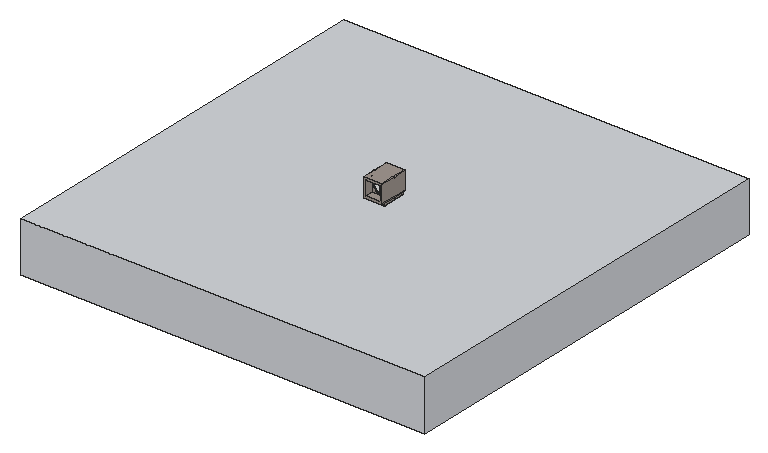
Revit family "ArandelaConcreto_ARC5W_PowerLume", category Luminárias, Revit 2022
Family settings
  Hospedeiro = Face
  Cota do conector redondo = Utilizar diâmetro
  Tipo de parte = Normal
  Número OmniClass = 23.80.70.14.11.17
  Título OmniClass = Wall or Ceiling Mounted External Lighting
  Corte com vazios quando carregada = Sim
  Fonte luminosa = Não
  Manter orientação da anotação = Não
  Compartilhado = Sim
  Ponto de cálculo do ambiente = Não
Parameters (values of type "ARC5W")
  Ângulo de abertura = "80°"
  Voltagem Luminária = 0 V
  Vida útil = "60000h"
  Versão = 1  # constant formula
  URL do produto = "https://www.powerlume.com.br/produtos/arandela-facho-simples-concreto"
  URL = "https://www.powerlume.com.br/"
  Tipo de imagem = FOTO ARC5W.png
  Temperatura de cor = "3000K"  # constant formula
  Potência = "5W"  # constant formula
  Peso = "0"
  Modelo = "ARC5W"  # constant formula
  Manual de instalação = ""
  Lâmpada = "Placa LED"
  Localização = "Caxias do Sul - RS / Brasil"  # constant formula
  IfcExportAs = "IfcLightFixtureType"  # constant formula
  IRC = "90"  # constant formula
  IP = "65"  # constant formula
  Frame = Concreto, leve
  Fluxo luminoso = "585 lm"  # constant formula
  Ficha técnica = ""
  Fator de Potência Luminária = 1
  Fabricante = "Power Lume"  # constant formula
  Default Elevation = 1219.2 mm
  Profundidade = 135 mm  # constant formula
  Refletor = Metal - Alumínio
  Descrição = "Arandela de sobrepor LED facho direto em concreto"
  Data da atualização = "27/02/2025"  # constant formula
  Assembly Code = ""
  Contato do fabricante = "(54) 3066-6488"  # constant formula
  Comentários de voltagem = "110 ou 220Vac 50/60Hz com driver incorporado"
  Catálogo de produtos = "https://www.powerlume.com.br/downloads"
  Carga Aparente Luminária = 0 VA
  Largura = 110 mm  # constant formula
  Altura = 170 mm  # constant formula
Reference planes
  plane 1 "Centro (Frente/Trás)": y = 0
  plane 2: z = 0
  plane 3 "Centro (Esquerda/Direita)": x = 0
Forms (mm)
  Extrusion 1, solid
    sketch origin (0, 0, 0) x (1, 0, 0) y (0, 1, 0)
      loop
        line (-1219.2, 1219.2) -> (-1219.2, -1219.2) -> (1219.2, -1219.2) -> (1219.2, 1219.2) -> (-1219.2, 1219.2)
    from 0 to -304.8
  Sweep 2, solid, material "Concreto, leve" <- "Frame"
    path origin (0, 0, 25) x (0, -1, 0) y (0, 0, 1)
      loop
        line (85, 0) -> (0, 0) -> (-85, 0)
    profile origin (0, 42.5, 25) x (0, 0, -1) y (-1, 0, 0)
      loop
        line (0, 0) -> (0, 53.5)
        arc (0, 53.5) -> (-0.439, 54.561) -> (-1.5, 55) r 1.5
        line (-1.5, 55) -> (-108.5, 55)
        arc (-108.5, 55) -> (-109.561, 54.561) -> (-110, 53.5) r 1.5
        line (-110, 53.5) -> (-110, -53.5)
        arc (-110, -53.5) -> (-109.561, -54.561) -> (-108.5, -55) r 1.5
        line (-108.5, -55) -> (-1.5, -55)
        arc (-1.5, -55) -> (-0.439, -54.561) -> (0, -53.5) r 1.5
        line (0, -53.5) -> (0, 0)
      loop
        arc (-98.5, 45) -> (-99.561, 44.561) -> (-100, 43.5) r 1.5
        line (-100, 43.5) -> (-100, -43.5)
        arc (-100, -43.5) -> (-99.561, -44.561) -> (-98.5, -45) r 1.5
        line (-98.5, -45) -> (-11.5, -45)
        arc (-11.5, -45) -> (-10.439, -44.561) -> (-10, -43.5) r 1.5
        line (-10, -43.5) -> (-10, 43.5)
        arc (-10, 43.5) -> (-10.439, 44.561) -> (-11.5, 45) r 1.5
        line (-11.5, 45) -> (-98.5, 45)
  Extrusion 3, solid, material "Concreto, leve" <- "Frame"
    sketch origin (0, 0, 25) x (1, 0, 0) y (0, 0, 1)
      loop
        line (43.5, 100) -> (-43.5, 100)
        arc (-43.5, 100) -> (-44.561, 99.561) -> (-45, 98.5) r 1.5
        line (-45, 98.5) -> (-45, 11.5)
        arc (-45, 11.5) -> (-44.561, 10.439) -> (-43.5, 10) r 1.5
        line (-43.5, 10) -> (43.5, 10)
        arc (43.5, 10) -> (44.561, 10.439) -> (45, 11.5) r 1.5
        line (45, 11.5) -> (45, 98.5)
        arc (45, 98.5) -> (44.561, 99.561) -> (43.5, 100) r 1.5
    from -85 to 35
  Extrusion 4, solid, material "Concreto, leve" <- "Frame"
    sketch origin (0, 0, 0) x (1, 0, 0) y (0, 0, 1)
      loop
        line (43.5, 25) -> (-43.5, 25)
        arc (-43.5, 25) -> (-44.561, 24.561) -> (-45, 23.5) r 1.5
        line (-45, 23.5) -> (-45, 1.5)
        arc (-45, 1.5) -> (-44.561, 0.439) -> (-43.5, 0) r 1.5
        line (-43.5, 0) -> (43.5, 0)
        arc (43.5, 0) -> (44.561, 0.439) -> (45, 1.5) r 1.5
        line (45, 1.5) -> (45, 23.5)
        arc (45, 23.5) -> (44.561, 24.561) -> (43.5, 25) r 1.5
    from -85 to 55
  Extrusion 5, solid, material "LED"
    sketch origin (0, 0, 0) x (1, 0, 0) y (0, 0, 1)
      loop
        circle (0, 80) r 2
    from 21 to 22.4
  Revolve 6, void
    sketch origin (0, 0, 0) x (0, 1, 0) y (0, 0, 1)
      loop
        line (-35, 80) -> (-20, 80) -> (-20, 90) -> (-35, 115) -> (-35, 80)
      axis (-35, 80) -> (-20, 80)
    angle from 0 to 360
  Revolve 7, solid, material "Metal - Alumínio" <- "Refletor"
    sketch origin (0, 0, 0) x (0, 1, 0) y (0, 0, 1)
      loop
        line (-20, 80) -> (-20, 90) -> (-35, 115) -> (-35, 113.056) -> (-21, 89.723) -> (-21, 80) -> (-20, 80)
      axis (-20, 80) -> (-35, 80)
    angle from 0 to 360
  Revolve 8, solid, material "Acrílico - Transparente"
    sketch origin (0, 0, 0) x (0, 1, 0) y (0, 0, 1)
      loop
        line (-35, 80) -> (-35, 46.944) -> (-33.7, 49.195) -> (-33.7, 80) -> (-35, 80)
      axis (-33.7, 80) -> (-35, 80)
    angle from 0 to 360
Cuts and joins
  Revolve 6 cuts Extrusion 3
  joined: Sweep 2, Extrusion 3, Extrusion 4
Dimensions and locks
  aligned and locked: plane 2 to Extrusion 1
  aligned and locked: level to Extrusion 1
Nested families
  nested 1: "ArandelaConcreto_ARC5W_FonteLuminosa_PowerLume" at (-0.018, -35, 80) x (1, 0, 0) z (0, 1, 0), type "3000K"
Connectors
  electrical at (0, 0, 0), driven by "Fator de Potência Luminária", driven by "Carga Aparente Luminária", driven by "Voltagem Luminária"
    settings: index 1, voltage 0 V, apparent load 0 VA, apparent load phase1 0 VA, apparent load phase2 0 VA, apparent load phase3 0 VA, power factor 1, load classification "Outro", number of poles 1, system type 31, power factor state 1, is connector primary yes, connector utility no, sub classification motor no, connector description ""
Definition of nested family "ArandelaConcreto_ARC5W_FonteLuminosa_PowerLume"
  Parameters (values of type "3000K")
    Tilt Angle = 90.00°  # constant formula
    Wattage = 13.7809 W
    Dimming Lamp Color Temperature Shift = (empty or 0)
    built-in parameter 1150107 = 3000 (stored number, unit not read)
    built-in parameter 1150110 = 1 (stored number, unit not read)
    built-in parameter 1150109 = 1 (stored number, unit not read)
    built-in parameter 1114218 = 1 (stored number, unit not read)
    built-in parameter 1150112 = 1 (stored number, unit not read)
    built-in parameter 1150113 = 1 (stored number, unit not read)
    built-in parameter 1150132 = 2
    built-in parameter 1150137 = (empty or 0)
    built-in parameter 1150106 = 0.46553 (stored number, unit not read)
    built-in parameter 1150102 = (empty or 0)
    built-in parameter 1150105 = 46.553 (stored number, unit not read)
    Color Filter = 16777215
    built-in parameter 1114217 = 1 (stored number, unit not read)
    built-in parameter 1150139 = (empty or 0)
    Default Elevation = 1219.2 mm
    built-in parameter 1150104 = 3.9437 (stored number, unit not read)
    built-in parameter 1150115 = 1 (stored number, unit not read)
    built-in parameter 1150114 = 1 (stored number, unit not read)
    Lumens = 585 lm
    built-in parameter 1150138 = (empty or 0)
    built-in parameter 1150134 = (empty or 0)
    Photometric Web File = "ARC5W.ies"
    built-in parameter 1150133 = 10 (stored number, unit not read)
  Reference planes
    plane 1 "Centro (Frente/Trás)": y = 0
    plane 2: z = 0
    plane 3 "Centro (Esquerda/Direita)": x = 0
  Forms (mm)
    Extrusion 1, solid
      sketch origin (0, 0, 0) x (1, 0, 0) y (0, 1, 0)
        loop
          line (-1219.2, 1219.2) -> (-1219.2, -1219.2) -> (1219.2, -1219.2) -> (1219.2, 1219.2) -> (-1219.2, 1219.2)
      from 0 to -304.8
  Dimensions and locks
    aligned and locked: plane 2 to Extrusion 1
    aligned and locked: level to Extrusion 1
